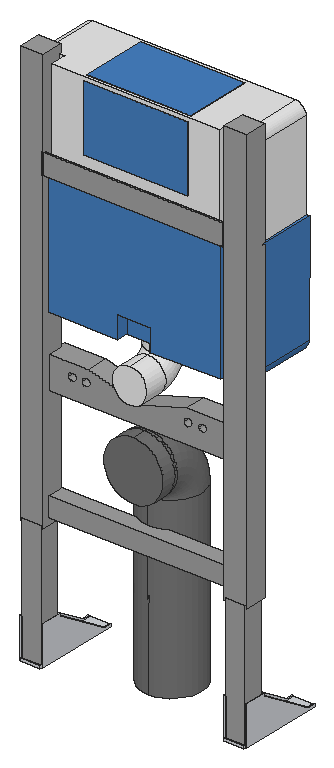
Revit family "Multibrand_Prosys_R0091_BIM_NN", category Plumbing Fixtures, Revit 2017
Family settings
  Round Connector Dimension = Use Radius
  Part Type = Normal
  OmniClass Number = 23.45.00.00
  OmniClass Title = Sanitary, Laundry, and Cleaning Equipment
  Work Plane-Based = No
  Always vertical = Yes
  Cut with Voids When Loaded = No
  Shared = No
  Room Calculation Point = No
Parameters (values of type "R009167 - 820 full frame Dry WC mechanical self standing, CL1")
  aux [instance] = 934 mm + aux_FRAME Height adjustment  # 1158.2 mm
  WATER CONNECTION_Waste pipe material = "PP"  # constant formula
  WATER CONNECTION_Position = "TOP"  # constant formula
  WATER CONNECTION_Flexible tube material = "Stainless Steel Braided"  # constant formula
  WATER CONNECTION\u001f_Waste pipe output = 110 mm  # constant formula
  WATER CONNECTION\u001f_Diameter = 12.7 mm  # constant formula
  Vertical_Flush_distance [instance] = 0 mm
  aux_FRAME Height adjustment [instance] = if([FRAME_Height Ajustment (default)] < 0 mm, 66.4 mm + 7.8 mm, if([FRAME_Height Ajustment (default)] > 150 mm, 216 mm + 0.4 mm + 7.8 mm, [FRAME_Height Ajustment (default)] + 66.4 mm + 7.8 mm))  # 224.2 mm
  aux_Flush distance [instance] = if(Flush_distance < 10 mm, 10 mm + 15 mm, if(Flush_distance > 90 mm, 90 mm + 15 mm, Flush_distance + 15 mm))  # 25 mm
  URL = ""
  Keynote = "n/a"
  Flush_distance [instance] = 0 mm
  FRAME_Width Adjustment = "N/A"  # constant formula
  Material = Phase-Demo
  Model = "R009167"
  Manufacturer = "Productinfo@thebluebook.co.uk"
  FRAME_Width = 180 mm  # constant formula
  FRAME_Min Height = 820 mm  # constant formula
  FRAME_Max Weight (Kg) = "N/A"  # constant formula
  FRAME_Max Height = 970 mm  # constant formula
  FRAME_Material [instance] = FRAME_metal_crome
  FRAME_Length [instance] = 400 mm  # constant formula
  FRAME_Height Ajustment (default) [instance] = 150 mm
  FRAME_Height [instance] = 820 mm + (aux_FRAME Height adjustment - 74.2 mm)  # 970 mm
  Description = "820 full frame Dry WC mechanical self standing, CL1"
  CISTERN_Width = 150 mm  # constant formula
  CISTERN_Refill (sifónico) = "NO"  # constant formula
  CISTERN_Material = "PP"  # constant formula
  CISTERN_Length = 440 mm  # constant formula
  CISTERN_Height = 405 mm  # constant formula
Reference planes
  plane 1 "Center (Front/Back)": y = 0
  plane 2: z = 0
  plane 3: y = 3.239
  plane 4: y = 15.339
  plane 5: y = -89.661
  plane 6: y = 52.845
  plane 7: y = 18.053
  plane 8: y = 55.395
  plane 9: y = 15.339
  plane 10: y = 135.375
  plane 11: y = 131.375
  plane 12: y = 45.054
  plane 13: z = 74.2
  plane 14 "ref": z = 160.771
  plane 15: y = 36.206
  plane 16: z = 176.911
  plane 17: y = 46.341
  plane 18: y = 134.341
  plane 19: z = 175.8
  plane 20: y = 110.323
  plane 21: y = 155.395
  plane 22: z = -150
  plane 23: z = -146
  plane 24: z = 742.992
Forms (mm)
  Extrusion 1, solid, material "FRAME_metal_crome" <- "FRAME_Material"
    sketch origin (-0.197, -0.773, 0) x (1, 0, 0) y (0, 0, 1)
      loop
        line (-160.05, -146) -> (-160.05, 74.2) -> (-195.196, 74.2) -> (-195.196, -146) -> (-160.05, -146)
      loop
        line (164.804, -146) -> (199.804, -146) -> (199.804, 74.2) -> (164.804, 74.2) -> (164.804, -146)
    from 50.727 to 85.727
  Extrusion 2, solid, material "FRAME_metal_crome" <- "FRAME_Material"
    sketch origin (-0.197, -4.523, 0) x (1, 0, 0) y (0, 0, 1)
      loop
        line (-197.696, 70) -> (-157.696, 70) -> (-157.696, 820) -> (-197.696, 820) -> (-197.696, 70)
      loop
        line (162.304, 70) -> (202.304, 70) -> (202.304, 820) -> (162.304, 820) -> (162.304, 70)
    from 41.292 to 81.292
  Extrusion 3, solid, material "FRAME_metal_crome" <- "FRAME_Material"
    sketch origin (-0.197, -0.773, 0) x (1, 0, 0) y (0, 0, 1)
      loop
        line (-160.05, 118.079) -> (-160.05, 84.622) -> (162.304, 84.622) -> (162.304, 118.079) -> (-160.05, 118.079)
    from 44.262 to 74.775
  Sweep 4, solid, material "FRAME_pvc_black"
    path origin (1.877, -63.257, 142.94) x (0, 0.999998, 0.001752) y (0, -0.001752, 0.999998)
      loop
        line (61.999, -293.049) -> (62.286, 20.76)
        arc (62.286, 20.76) -> (46.492, 59.08) -> (8.227, 75.008) r 54.153
        line (8.227, 75.008) -> (3.227, 75.017) -> (-22.425, 75.062)
    profile origin (1.877, -16.869, 202.101) x (0, -0.707107, -0.707107) y (1, 0, 0)
      loop
        circle (0, 0) r 52.3
  Extrusion 5, solid, material "FRAME_metal_crome" <- "FRAME_Material"
    sketch origin (-0.197, -0.773, -50) x (1, 0, 0) y (0, 0, 1)
      loop
        line (-160.05, 333.564) -> (159.95, 333.564) -> (159.95, 391.416) -> (85.512, 391.416) -> (2.142, 366.923) -> (-87.396, 391.416) -> (-160.05, 391.416) -> (-160.05, 333.564)
      loop
        circle (-115.404, 369.576) r 7.026
      loop
        circle (-91.184, 369.576) r 7.026
      loop
        circle (88.815, 369.889) r 7.026
      loop
        circle (114.654, 369.576) r 7.026
    from 35.113 to 72.381
  Extrusion 6, solid, material "FRAME_metal_crome" <- "FRAME_Material"
    sketch origin (-0.197, -0.773, 0) x (1, 0, 0) y (0, 0, 1)
      loop
        line (-160.05, 666.429) -> (-160.05, 628.924) -> (159.95, 628.924) -> (159.95, 666.429) -> (-160.05, 666.429)
    from 82.542 to 85.042
  Extrusion 7, solid
    sketch origin (0, -101.839, -161.101) x (0, 1, 0) y (0, 0, 1)
      loop
        line (152.826, 15.101) -> (52.839, 77.82) -> (52.839, 81.101) -> (15.339, 81.101) -> (15.339, 11.101) -> (165.339, 11.101) -> (165.339, 15.101) -> (152.826, 15.101)
    from 199.607 to 202.107
  Extrusion 8, solid
    sketch origin (-37.5, -101.839, -161.101) x (0, 1, 0) y (0, 0, 1)
      loop
        line (152.826, 15.101) -> (52.839, 77.82) -> (52.839, 81.101) -> (15.339, 81.101) -> (15.339, 11.101) -> (165.339, 11.101) -> (165.339, 15.101) -> (152.826, 15.101)
    from 199.607 to 202.107
  Extrusion 9, solid
    sketch origin (-397.5, -101.839, -161.101) x (0, 1, 0) y (0, 0, 1)
      loop
        line (152.826, 15.101) -> (52.839, 77.82) -> (52.839, 81.101) -> (15.339, 81.101) -> (15.339, 11.101) -> (165.339, 11.101) -> (165.339, 15.101) -> (152.826, 15.101)
    from 199.607 to 202.107
  Extrusion 10, solid
    sketch origin (-359.854, -101.839, -161.101) x (0, 1, 0) y (0, 0, 1)
      loop
        line (152.826, 15.101) -> (52.839, 77.82) -> (52.839, 81.101) -> (15.339, 81.101) -> (15.339, 11.101) -> (165.339, 11.101) -> (165.339, 15.101) -> (152.826, 15.101)
    from 199.607 to 202.107
  Extrusion 11, solid
    sketch origin (0, 0, -150) x (1, 0, 0) y (0, 0, 1)
      loop
        line (199.607, 4) -> (164.607, 4) -> (164.607, 0) -> (199.607, 0) -> (199.607, 4)
      loop
        line (-160.246, 4) -> (-195.393, 4) -> (-195.393, 0) -> (-160.246, 0) -> (-160.246, 4)
    from -63.5 to 89
  Extrusion 12, solid, not visible
    sketch origin (0, -101.839, -11.101) x (0, 1, 0) y (0, 0, 1)
      loop
        line (152.826, 15.101) -> (52.839, 77.82) -> (52.839, 81.101) -> (15.339, 81.101) -> (15.339, 11.101) -> (165.339, 11.101) -> (165.339, 15.101) -> (152.826, 15.101)
    from 199.607 to 202.107
  Extrusion 13, solid, not visible
    sketch origin (-37.5, -101.839, -11.101) x (0, 1, 0) y (0, 0, 1)
      loop
        line (152.826, 15.101) -> (52.839, 77.82) -> (52.839, 81.101) -> (15.339, 81.101) -> (15.339, 11.101) -> (165.339, 11.101) -> (165.339, 15.101) -> (152.826, 15.101)
    from 199.607 to 202.107
  Extrusion 14, solid, not visible
    sketch origin (0, 0, 0) x (1, 0, 0) y (0, 0, 1)
      loop
        line (199.607, 4) -> (164.607, 4) -> (164.607, 0) -> (199.607, 0) -> (199.607, 4)
      loop
        line (-160.246, 4) -> (-195.393, 4) -> (-195.393, 0) -> (-160.246, 0) -> (-160.246, 4)
    from -63.5 to 89
  Extrusion 15, solid, not visible
    sketch origin (-397.5, -101.839, -11.101) x (0, 1, 0) y (0, 0, 1)
      loop
        line (152.826, 15.101) -> (52.839, 77.82) -> (52.839, 81.101) -> (15.339, 81.101) -> (15.339, 11.101) -> (165.339, 11.101) -> (165.339, 15.101) -> (152.826, 15.101)
    from 199.607 to 202.107
  Extrusion 16, solid, not visible
    sketch origin (-359.854, -101.839, -11.101) x (0, 1, 0) y (0, 0, 1)
      loop
        line (152.826, 15.101) -> (52.839, 77.82) -> (52.839, 81.101) -> (15.339, 81.101) -> (15.339, 11.101) -> (165.339, 11.101) -> (165.339, 15.101) -> (152.826, 15.101)
    from 199.607 to 202.107
  Extrusion 17, solid, not visible
    sketch origin (0, 5, 0) x (1, 0, 0) y (0, 1, 0)
      loop
        circle (-141.894, -8.269) r 6
    from 789.429 to 807.561
Dimensions and locks
  locked: plane 6 to plane 7 at 34.791
  locked: plane 8 to plane 9 at 40.056
  locked: plane 11 to plane 12 at 86.321
  locked: plane 10 to plane 11 at 4
  plane 14 "ref" to level = 160.771 mm
  locked: plane 20 to plane 1 "Center (Front/Back)" at 110.323
  "aux_FRAME Height adjustment": plane 13 to plane 22
  locked: plane 23 to plane 22 at 4
  plane 24 to level = 742.992 mm
  aligned and locked: level to plane 2
  aligned and locked: Extrusion 11 to plane 22  (x2)
  aligned and locked: Extrusion 9 to plane 22
  aligned and locked: Extrusion 10 to plane 22
  aligned and locked: Extrusion 8 to plane 22
  aligned and locked: Extrusion 7 to plane 22
  aligned and locked: plane 23 to Extrusion 11  (x2)
  aligned and locked: Extrusion 1 to plane 23  (x2)
  aligned and locked: plane 22 to Sweep 4 sketch curve
  aligned and locked: nested 1 to Extrusion 17
  aligned and locked: Extrusion 17 to nested 1
Automatic sketch dimensions
  Extrusion 1 sketch curve to plane 13 = 0 mm  (x2)
  Extrusion 1 sketch curve to level = 146 mm  (x2)
  Extrusion 1 sketch curve to Extrusion 1 sketch curve = 35.146 mm
  Extrusion 1 sketch curve to Extrusion 1 sketch curve = 324.854 mm
  Extrusion 1 sketch curve to Extrusion 1 sketch curve = 35 mm
  Extrusion 2 sketch curve to Extrusion 2 sketch curve = 40 mm  (x2)
  Extrusion 2 sketch curve to plane 13 = 4.2 mm  (x2)
  Extrusion 2 sketch curve to Extrusion 2 sketch curve = 320 mm
  Extrusion 3 sketch curve to plane 14 "ref" = 42.692 mm
  plane 13 to Extrusion 3 sketch curve = 10.422 mm
  Extrusion 3 sketch curve to Extrusion 3 sketch curve = 322.354 mm
  Sweep 4 sketch curve to profile plane = 0 mm  (x2)
  plane 16 to Extrusion 5 sketch curve = 106.653 mm
  Extrusion 5 sketch curve to Extrusion 5 sketch curve = 44.646 mm
  Extrusion 5 sketch curve to Extrusion 5 sketch curve = 24.22 mm
  Extrusion 5 sketch curve to Extrusion 5 sketch curve = 3.788 mm
  plane 16 to Extrusion 5 sketch curve = 140.012 mm
  Extrusion 5 sketch curve to Extrusion 5 sketch curve = 89.539 mm
  plane 16 to Extrusion 5 sketch curve = 164.505 mm
  Extrusion 5 sketch curve to Extrusion 5 sketch curve = 83.37 mm
  Extrusion 5 sketch curve to Extrusion 5 sketch curve = 3.303 mm
  Extrusion 5 sketch curve to Extrusion 5 sketch curve = 25.839 mm
  Extrusion 5 sketch curve to Extrusion 5 sketch curve = 45.296 mm
  Extrusion 5 sketch curve to Extrusion 5 sketch curve = 36.013 mm
  Extrusion 5 sketch curve to Extrusion 5 sketch curve = 0 mm
  Extrusion 5 sketch curve to Extrusion 5 sketch curve = 21.84 mm  (x2)
  Extrusion 5 sketch curve to Extrusion 5 sketch curve = 21.527 mm
  Extrusion 6 sketch curve to Extrusion 6 sketch curve = 320 mm
  Extrusion 6 sketch curve to Extrusion 6 sketch curve = 37.505 mm
  Extrusion 7 sketch curve to Extrusion 7 sketch curve = 37.5 mm
  Extrusion 7 sketch curve to Extrusion 7 sketch curve = 3.28 mm
  Extrusion 8 sketch curve to Extrusion 8 sketch curve = 37.5 mm
  Extrusion 8 sketch curve to Extrusion 8 sketch curve = 3.28 mm
  Extrusion 9 sketch curve to Extrusion 9 sketch curve = 37.5 mm
  Extrusion 9 sketch curve to Extrusion 9 sketch curve = 3.28 mm
  Extrusion 10 sketch curve to Extrusion 10 sketch curve = 37.5 mm
  Extrusion 10 sketch curve to Extrusion 10 sketch curve = 3.28 mm
  Extrusion 11 sketch curve to Extrusion 11 sketch curve = 35.146 mm
  Extrusion 11 sketch curve to Extrusion 11 sketch curve = 324.854 mm
  Extrusion 11 sketch curve to Extrusion 11 sketch curve = 35 mm
  plane 24 to Extrusion 2 sketch curve = 77.008 mm  (x2)
  Extrusion 6 sketch curve to plane 24 = 114.068 mm
  Extrusion 7 sketch curve to Extrusion 7 sketch curve = 99.987 mm
  Extrusion 7 sketch curve to Extrusion 7 sketch curve = 12.513 mm
  Extrusion 7 sketch curve to Extrusion 7 sketch curve = 4 mm
  Extrusion 7 sketch curve to Extrusion 7 sketch curve = 66.72 mm
  Extrusion 8 sketch curve to Extrusion 8 sketch curve = 99.987 mm
  Extrusion 8 sketch curve to Extrusion 8 sketch curve = 12.513 mm
  Extrusion 8 sketch curve to Extrusion 8 sketch curve = 4 mm
  Extrusion 8 sketch curve to Extrusion 8 sketch curve = 66.72 mm
  Extrusion 11 sketch curve to Extrusion 11 sketch curve = 0 mm
  Extrusion 11 sketch curve to Extrusion 11 sketch curve = 4 mm  (x2)
  Extrusion 12 sketch curve to Extrusion 12 sketch curve = 37.5 mm
  Extrusion 12 sketch curve to Extrusion 12 sketch curve = 3.28 mm
  Extrusion 13 sketch curve to Extrusion 13 sketch curve = 37.5 mm
  Extrusion 13 sketch curve to Extrusion 13 sketch curve = 3.28 mm
  Extrusion 14 sketch curve to Extrusion 14 sketch curve = 35.146 mm
  Extrusion 14 sketch curve to Extrusion 14 sketch curve = 324.854 mm
  Extrusion 14 sketch curve to Extrusion 14 sketch curve = 35 mm
  Extrusion 12 sketch curve to Extrusion 12 sketch curve = 99.987 mm
  Extrusion 12 sketch curve to Extrusion 12 sketch curve = 12.513 mm
  Extrusion 12 sketch curve to Extrusion 12 sketch curve = 4 mm
  Extrusion 12 sketch curve to Extrusion 12 sketch curve = 66.72 mm
  Extrusion 13 sketch curve to Extrusion 13 sketch curve = 99.987 mm
  Extrusion 13 sketch curve to Extrusion 13 sketch curve = 12.513 mm
  Extrusion 13 sketch curve to Extrusion 13 sketch curve = 4 mm
  Extrusion 13 sketch curve to Extrusion 13 sketch curve = 66.72 mm
  Extrusion 14 sketch curve to Extrusion 14 sketch curve = 0 mm
  Extrusion 14 sketch curve to Extrusion 14 sketch curve = 4 mm  (x2)
  Extrusion 10 sketch curve to Extrusion 10 sketch curve = 99.987 mm
  Extrusion 10 sketch curve to Extrusion 10 sketch curve = 12.513 mm
  Extrusion 10 sketch curve to Extrusion 10 sketch curve = 4 mm
  Extrusion 10 sketch curve to Extrusion 10 sketch curve = 66.72 mm
  Extrusion 9 sketch curve to Extrusion 9 sketch curve = 99.987 mm
  Extrusion 9 sketch curve to Extrusion 9 sketch curve = 12.513 mm
  Extrusion 9 sketch curve to Extrusion 9 sketch curve = 4 mm
  Extrusion 9 sketch curve to Extrusion 9 sketch curve = 66.72 mm
  plane 5 to Sweep 4 sketch curve = 29.499 mm
  plane 16 to Sweep 4 sketch curve = 41.052 mm
  Sweep 4 sketch curve to Sweep 4 sketch curve = 4.905 mm
  Sweep 4 sketch curve to Sweep 4 sketch curve = 5 mm
  Sweep 4 sketch curve to Sweep 4 sketch curve = 54.153 mm  (x2)
  Sweep 4 sketch curve to Sweep 4 sketch curve = 0.009 mm
  Sweep 4 sketch curve to Sweep 4 sketch curve = 25.653 mm
  Sweep 4 sketch curve to Sweep 4 sketch curve = 0.287 mm
  Sweep 4 sketch curve to Sweep 4 sketch curve = 0.045 mm
  plane 1 "Center (Front/Back)" to Extrusion 17 sketch curve = 3.269 mm
  radius of Sweep 4 sketch curve = 52.3 mm
  radius of Extrusion 5 sketch curve = 7.026 mm  (x4)
  radius of Extrusion 17 sketch curve = 6 mm
Nested families
  nested 1: "CISTERN OLI EXPERT PLUS" at (2.254, -75.906, -420.898), type "CISTERN OLI EXPERT PLUS"
    with CISTERN Widh 1150 mm, CISTERN Lenght 440 mm, CISTERN Height 405 mm
Connectors
  piping at (1.877, -0.745, -150), diameter 87.4
    settings: on Sweep 4, index 4, connector inside diameter 609.6 mm, connector length 0 mm, flow factor 0, pipe flow 0.0 L/s, pressure drop 0.0 Pa, fitting loss kfactor 0, connector angle 0.00°, fixture units 0, engagement length 0 mm, angle of deflection 0.00°, flow configuration 0, flow direction 2, fitting loss method 0, system type 16, joint type 0, gender type 0, connector reference index -1, connector utility 0, adjustable connector no, is connector primary yes, connector description ""
  piping at (-141.894, -3.269, 807.561), diameter 12
    settings: on Extrusion 17, index 5, connector inside diameter 609.6 mm, connector length 0 mm, flow factor 0, pipe flow 0.0 L/s, pressure drop 0.0 Pa, fitting loss kfactor 0, connector angle 0.00°, fixture units 0, engagement length 0 mm, angle of deflection 0.00°, flow configuration 0, flow direction 1, fitting loss method 0, system type 19, joint type 0, gender type 0, connector reference index -1, connector utility 0, adjustable connector no, is connector primary no, connector description ""
Definition of nested family "CISTERN OLI EXPERT PLUS"
  Parameters (values of type "CISTERN OLI EXPERT PLUS")
    Vertical_Flush_distance = 0 mm
    Cistern = none
    Flush_Plate = none
    Height = 58 mm
    Flush_distance = 0 mm
    CISTERN Widh [instance] = 1150 mm  # constant formula
    CISTERN Lenght [instance] = 440 mm  # constant formula
    CISTERN Height [instance] = 405 mm  # constant formula
  Reference planes
    plane 1 "Center (Front/Back)": y = 0
    plane 2: z = 0
    plane 3 "Center (Left/Right)": x = 0
    plane 4: x = -220
    plane 5: x = 220
    plane 6: z = 1221.366
    plane 7: z = 725.055
    plane 8: z = 749.159
    plane 9: z = 1153.291
    plane 10: x = -144.148
    plane 11: x = 143.635
    plane 12: y = 28.323
    plane 13: y = 154.323
    plane 14: x = -92.5
    plane 15: x = 92.5
    plane 16: z = 1210.327
    plane 17: z = 1090.327
    plane 18: y = 5.339
    plane 19: y = 150.887
    plane 20: y = 76.588
    plane 21: y = -19.049
    plane 22: y = 41.905
    plane 23: y = 38.405
    plane 24: z = 1228.46
    plane 25: y = -5.476
    plane 26: y = -5.476
    plane 27: y = -5.476
    plane 28: z = 1228.46
    plane 29: z = 835.655
    plane 30: z = 777.655
  Forms (mm)
    Extrusion 1, solid, material <- "Flush_Plate"
      sketch origin (0, 0, 0) x (1, 0, 0) y (0, 0, 1)
        loop
          line (-199.857, 1052.823) -> (-198.208, 853.95)
          arc (-198.208, 853.95) -> (-194.529, 843.642) -> (-185.251, 837.835) r 16.672
          line (-185.251, 837.835) -> (0, 835.655) -> (176.465, 837.732)
          arc (176.465, 837.732) -> (191.333, 840.251) -> (198.205, 853.674) r 16.818
          line (198.205, 853.674) -> (199.857, 1052.823) -> (-199.857, 1052.823)
      from -128.774 to 8.726
    Extrusion 2, solid, material <- "Flush_Plate"
      sketch origin (0, 0, 0) x (1, 0, 0) y (0, 0, 1)
        loop
          line (-91.719, 1222.366) -> (-91.719, 1105.415) -> (91.719, 1105.415) -> (91.719, 1222.366) -> (-91.719, 1222.366)
      from 5.476 to 0
    Sweep 3, solid, material <- "Cistern"
      path origin (-1.25, 8.125, 260) x (0, 1, 0) y (0, 0, 1)
        loop
          line (-26.851, 517.655) -> (14.126, 517.655)
          arc (14.126, 517.655) -> (38.584, 527.786) -> (48.715, 552.244) r 34.589
          line (48.715, 552.244) -> (48.715, 575.655)
      profile origin (-1.25, 56.84, 823.95) x (0, -1, 0) y (1, 0, 0)
        loop
          circle (0, 1.25) r 30.5
    Extrusion 4, solid, material <- "Cistern"
      sketch origin (0, 0, 0) x (1, 0, 0) y (0, 0, 1)
        loop
          line (-195.514, 1052.823) -> (195.514, 1052.823) -> (195.514, 1210.068)
          arc (195.514, 1210.068) -> (190.127, 1223.073) -> (177.122, 1228.46) r 18.392
          line (177.122, 1228.46) -> (-180.154, 1228.46)
          arc (-180.154, 1228.46) -> (-191.366, 1223.816) -> (-196.01, 1212.604) r 15.856
          line (-196.01, 1212.604) -> (-195.514, 1052.823)
      from -125.524 to 5.476
    Extrusion 5, void
      sketch origin (0, 0, 0) x (1, 0, 0) y (0, 1, 0)
        loop
          line (-148.316, 24.024) -> (-200, 24.024) -> (-200, -5.476) -> (-148.316, -5.476) -> (-148.316, 24.024)
        loop
          line (148.734, 24.024) -> (148.734, -5.476) -> (227.691, -5.476) -> (227.691, 24.024) -> (148.734, 24.024)
      from 1052.823 to 1228.46
    Extrusion 6, void
      sketch origin (0, 0, 0) x (1, 0, 0) y (0, 1, 0)
        loop
          line (-150.569, 21.274) -> (-220, 21.274) -> (-220, -13.726) -> (-150.569, -13.726) -> (-150.569, 21.274)
        loop
          line (152.959, 24.024) -> (152.959, -13.726) -> (220, -13.726) -> (220, 24.024) -> (152.959, 24.024)
      from 749.159 to 1052.823
    Extrusion 7, solid, material <- "Flush_Plate"
      sketch origin (0, -1102.39, 1222.962) x (1, 0, 0) y (0, 1, 0)
        loop
          line (-91.719, 1222.366) -> (-91.719, 1103.914) -> (91.719, 1103.914) -> (91.719, 1222.366) -> (-91.719, 1222.366)
      from 5.498 to 0
    Extrusion 8, void
      sketch origin (0, 0, 0) x (1, 0, 0) y (0, 0, 1)
        loop
          line (-29, 875.597) -> (-29, 835.655) -> (29, 835.655) -> (29, 875.597) -> (-29, 875.597)
      from -11.274 to 46.598
    Extrusion 9, void
      sketch origin (0, 0, 0) x (1, 0, 0) y (0, 0, 1)
        loop
          line (120.926, 1052.823) -> (125.185, 1052.823) -> (125.185, 1087.822) -> (80.668, 1087.822) -> (80.668, 1052.823) -> (84.926, 1052.823) -> (84.926, 836.655) -> (120.926, 836.655) -> (120.926, 1052.823)
        loop
          line (-84.418, 1052.823) -> (-80.159, 1052.823) -> (-80.159, 1087.822) -> (-124.676, 1087.822) -> (-124.676, 1052.823) -> (-120.418, 1052.823) -> (-120.418, 836.655) -> (-84.418, 836.655) -> (-84.418, 1052.823)
      from -136.09 to -115.524
  Cuts and joins
    Extrusion 5, Extrusion 9 cuts Extrusion 4
    Extrusion 6, Extrusion 8 cuts Extrusion 1
  Lines and regions (mm)
    model lines
      curve 1: line (-91.719, -5.476, 1222.366) -> (91.719, -5.476, 1105.415)
      curve 2: line (-91.719, -5.476, 1105.415) -> (91.719, -5.476, 1222.366)
      curve 3: line (-91.719, 1.524, 1228.46) -> (91.719, 119.975, 1228.46)
      curve 4: line (-91.719, 119.975, 1228.46) -> (91.719, 1.524, 1228.46)
  Dimensions and locks
    equal spacing: plane 4, plane 3 "Center (Left/Right)", plane 5
    "CISTERN Lenght": plane 4 to plane 5
    locked: plane 8 to plane 7 at 24.103
    locked: plane 9 to plane 8 at 404.132
    locked: plane 6 to plane 9 at 68.075
    locked: plane 4 to plane 10 at 75.852
    locked: plane 11 to plane 5 at 76.365
    locked: plane 14 to plane 15 at 185
    equal spacing: plane 14, plane 3 "Center (Left/Right)", plane 15
    locked: plane 16 to plane 17 at 120
    locked: plane 6 to plane 16 at 11.039
    locked: plane 19 to plane 20 at 74.299
    locked: plane 13 to plane 19 at 3.436
    locked: plane 22 to plane 23 at 3.5
    locked: plane 23 to plane 12 at 10.082
    "Flush_distance": plane 26 to plane 27
    locked: cut or joined group of Extrusion 4, Extrusion 5, Extrusion 9 to cut or joined group of Extrusion 4, Extrusion 5, Extrusion 9 at 131
    locked: plane 28 to plane 8 at 479.301
    "Vertical_Flush_distance": plane 24 to plane 28
    locked: plane 17 to plane 29 at 254.672
    "Height": plane 29 to plane 30
    aligned and locked: level to plane 2
    aligned and locked: cut or joined group of Extrusion 4, Extrusion 5, Extrusion 9 to plane 26
    aligned and locked: Extrusion 2 to plane 27
    aligned and locked: plane 28 to cut or joined group of Extrusion 4, Extrusion 5, Extrusion 9
    aligned and locked: plane 24 to Extrusion 7
    aligned and locked: plane 30 to Sweep 3 sketch curve
    aligned and locked: plane 29 to Sweep 3 sketch curve
    aligned and locked: Extrusion 2 to curve 1  (x2)
    aligned and locked: curve 2 to Extrusion 2  (x2)
    aligned and locked: curve 3 to Extrusion 7  (x2)
    aligned and locked: Extrusion 7 to curve 4  (x2)
  Automatic sketch dimensions
    Extrusion 2 sketch curve to plane 14 = 0.781 mm
    plane 15 to Extrusion 2 sketch curve = 0.781 mm
    plane 17 to Extrusion 2 sketch curve = 15.088 mm
    plane 6 to Extrusion 2 sketch curve = 1 mm
    Sweep 3 sketch curve to profile plane = 0 mm
    profile plane to Sweep 3 sketch curve = 1.25 mm
    plane 10 to Extrusion 5 sketch curve = 55.852 mm
    Extrusion 5 sketch curve to plane 12 = 4.299 mm  (x2)
    Extrusion 5 sketch curve to plane 11 = 5.099 mm
    Extrusion 5 sketch curve to plane 11 = 84.056 mm
    Extrusion 6 sketch curve to plane 12 = 7.049 mm
    Extrusion 6 sketch curve to plane 4 = 0 mm
    plane 10 to Extrusion 6 sketch curve = 6.422 mm
    Extrusion 6 sketch curve to plane 12 = 4.299 mm
    Extrusion 6 sketch curve to plane 11 = 9.325 mm
    plane 5 to Extrusion 6 sketch curve = 0 mm
    Extrusion 7 sketch curve to plane 14 = 0.781 mm
    plane 15 to Extrusion 7 sketch curve = 0.781 mm
    Extrusion 7 sketch curve to plane 21 = 20.573 mm
    plane 22 to Extrusion 7 sketch curve = 78.07 mm
    Extrusion 8 sketch curve to plane 3 "Center (Left/Right)" = 29 mm
    plane 3 "Center (Left/Right)" to Extrusion 8 sketch curve = 29 mm
    Extrusion 8 sketch curve to plane 8 = 86.496 mm
    Extrusion 8 sketch curve to Extrusion 8 sketch curve = 39.942 mm
    plane 10 to Extrusion 5 sketch curve = 4.168 mm
    Extrusion 1 sketch curve to plane 3 "Center (Left/Right)" = 0 mm
    plane 10 to Extrusion 1 sketch curve = 37.388 mm
    Extrusion 1 sketch curve to plane 4 = 20.143 mm
    Extrusion 1 sketch curve to plane 11 = 32.831 mm
    Extrusion 1 sketch curve to Extrusion 1 sketch curve = 4.922 mm
    Extrusion 1 sketch curve to Extrusion 1 sketch curve = 16.817 mm
    plane 5 to Extrusion 1 sketch curve = 20.143 mm
    Extrusion 1 sketch curve to plane 8 = 86.496 mm
    Extrusion 1 sketch curve to plane 8 = 88.573 mm
    Extrusion 1 sketch curve to Extrusion 1 sketch curve = 15.942 mm
    Extrusion 1 sketch curve to plane 8 = 104.93 mm
    Extrusion 1 sketch curve to plane 17 = 37.505 mm
    Extrusion 1 sketch curve to Extrusion 1 sketch curve = 3.715 mm
    Extrusion 1 sketch curve to Extrusion 1 sketch curve = 16.671 mm
    Extrusion 1 sketch curve to Extrusion 1 sketch curve = 16.253 mm
    Extrusion 4 sketch curve to plane 16 = 0.259 mm  (x2)
    plane 16 to Extrusion 4 sketch curve = 2.276 mm
    Extrusion 4 sketch curve to plane 4 = 23.99 mm
    Extrusion 4 sketch curve to plane 4 = 24.486 mm
    Extrusion 4 sketch curve to Extrusion 4 sketch curve = 15.856 mm
    plane 5 to Extrusion 4 sketch curve = 24.486 mm
    Extrusion 4 sketch curve to plane 17 = 37.505 mm
    Extrusion 9 sketch curve to plane 17 = 2.505 mm  (x2)
    Extrusion 9 sketch curve to plane 10 = 19.471 mm
    Extrusion 9 sketch curve to Extrusion 9 sketch curve = 4.258 mm  (x3)
    Extrusion 9 sketch curve to plane 14 = 8.082 mm
    Extrusion 9 sketch curve to plane 14 = 12.341 mm
    plane 15 to Extrusion 9 sketch curve = 11.832 mm
    plane 11 to Extrusion 9 sketch curve = 22.708 mm
    Extrusion 9 sketch curve to Extrusion 9 sketch curve = 35 mm  (x2)
    Extrusion 9 sketch curve to plane 17 = 37.505 mm  (x2)
    Extrusion 9 sketch curve to plane 8 = 87.496 mm  (x2)
    plane 25 to Extrusion 5 sketch curve = 0 mm  (x2)
    Extrusion 6 sketch curve to plane 21 = 5.323 mm  (x2)
    Sweep 3 sketch curve to plane 12 = 6.072 mm
    plane 22 to Sweep 3 sketch curve = 14.935 mm
    Sweep 3 sketch curve to plane 21 = 0.323 mm
    Extrusion 2 to curve 2 = 0 mm
    curve 1 to Extrusion 2 = 0 mm  (x2)
    curve 2 to Extrusion 2 = 0 mm
    curve 4 to Extrusion 7 = 0 mm  (x2)
    curve 3 to Extrusion 7 = 0 mm  (x2)
    radius of Sweep 3 sketch curve = 30.5 mm
